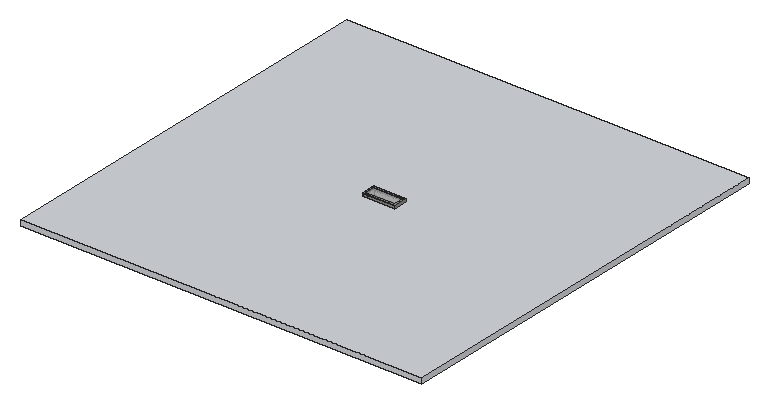
Revit family "Thorn LINN", category Lighting Fixtures, host Face, Revit 2016
Family settings
  Host = Face
  Part Type = Normal
  Round Connector Dimension = Use Diameter
  OmniClass Number = 23.80.70.11
  OmniClass Title = Luminaries for Internal Lighting
  Cut with Voids When Loaded = No
  Light Source = Yes
  Shared = No
  Room Calculation Point = No
Parameters (values of type "LINN RCT")
  Width = 229 mm
  Wattage Comments = ""
  Wattage = 2.86788 W
  built-in parameter 1150110 = 1 (stored number, unit not read)
  Voltage = 230 V
  URL = "www.thornlighting.com/96262138"
  Type Comments = "© Thorn. We reserve the right to make technical changes without prior notice."  # constant formula
  built-in parameter 1114217 = 1 (stored number, unit not read)
  Tilt Angle = -90.00°
  built-in parameter 1150109 = 1 (stored number, unit not read)
  built-in parameter 1150134 = (empty or 0)
  built-in parameter 1150113 = 1 (stored number, unit not read)
  Reflector = Thorn_Glass_Self_llumination_Transparent
  Photometric Web File = "96262138_(STD).IES"
  Model = "96262138"
  Manufacturer = "Thorn Lighting"  # constant formula
  built-in parameter 1150105 = 341.83 (stored number, unit not read)
  Lumens = 426 lm
  built-in parameter 1150115 = 1 (stored number, unit not read)
  built-in parameter 1150137 = (empty or 0)
  built-in parameter 1150139 = (empty or 0)
  Length = 102 mm
  built-in parameter 1150112 = 1 (stored number, unit not read)
  built-in parameter 1150114 = 1 (stored number, unit not read)
  Lamp = "LED"
  built-in parameter 1150132 = 2
  built-in parameter 1150102 = (empty or 0)
  built-in parameter 1150107 = 4200 (stored number, unit not read)
  built-in parameter 1150138 = (empty or 0)
  built-in parameter 1150106 = 3.4183 (stored number, unit not read)
  Height = 91 mm
  Emit from Rectangle Width = Width - 32 mm  # 197 mm
  Emit from Rectangle Length = Length - 32 mm  # 70 mm
  Emit Shape Visible in Rendering = no
  built-in parameter 1150104 = 13.8 (stored number, unit not read)
  Dimming Lamp Color Temperature Shift = <None>
  Description = "LED ceiling-recessed luminaire"  # constant formula
  Default Elevation = 0 mm
  Cover = Thorn_Metal_Grey
  Color Filter = 16777215
  Body = Thorn_Metal_Dark_Grey
  built-in parameter 1114218 = 1 (stored number, unit not read)
  built-in parameter 1150133 = 10 (stored number, unit not read)
  Assembly Code = "D5020200"
  Apparent Load = 11.3 VA
Types (2, lengths in mm): name | Width | Wattage | URL | built-in parameter 1150134 | Photometric Web File | Model | built-in parameter 1150105 | Lumens | Length | built-in parameter 1150107 | built-in parameter 1150106 | Height | Emit from Rectangle Width | Emit from Rectangle Length | Apparent Load
  LINN RCT | 229 | 2.86788 W | "www.thornlighting.com/96262138" | (empty or 0) | "96262138_(STD).IES" | "96262138" | 341.83 (stored number, unit not read) | 426 lm | 102 | 4200 (stored number, unit not read) | 3.4183 (stored number, unit not read) | 91 | 197 | 70 | 11.3 VA
  LINN SQ | 106 | 0.538568 W | "www.thornlighting.com/96262124" | 3 | "96262124+96262129_(STD).IES" | "96262124" | 38.86 (stored number, unit not read) | 80 lm | 106 | 3200 (stored number, unit not read) | 0.3886 (stored number, unit not read) | 81 | 74 | 74 | 3.4 VA
Reference planes
  plane 1 "Center (Front/Back)": y = 0
  plane 2 "Top": z = -13
  plane 3 "Center (Left/Right)": x = 399.5
  plane 4: z = -20
  plane 5: y = 51
  plane 6 "Bottom": y = -51
  plane 7 "Left": x = 285
  plane 8 "Right": x = 514
  plane 9: z = 5
  plane 10 "Back": z = -86
  plane 11: z = -83.5
  plane 12: x = 295
  plane 13: x = 504
  plane 14: y = 41
  plane 15: y = -41
Forms (mm)
  Extrusion 1, solid
    sketch origin (0, 0, 0) x (1, 0, 0) y (0, 1, 0)
      loop
        line (-1010.5, 1431.145) -> (-1010.5, -1431.145) -> (1809.5, -1431.145) -> (1809.5, 1431.145) -> (-1010.5, 1431.145)
    from -13 to -52.502
  Sweep 2, solid, material "Thorn_Metal_Grey" <- "Cover"
    path origin (0, 0, 0) x (1, 0, 0) y (0, 1, 0)
      loop
        line (287, 51) -> (285, 49) -> (285, -49) -> (287, -51) -> (512, -51) -> (514, -49) -> (514, 49) -> (512, 51) -> (287, 51)
    profile origin (399.5, 51, 0) x (0, 1, 0) y (0, 0, 1)
      loop
        line (0, -13) -> (0, 3) -> (-2, 5) -> (-2, -13) -> (0, -13)
  Extrusion 3, solid, material "Thorn_Metal_Grey" <- "Cover"
    sketch origin (0, 0, 0) x (1, 0, 0) y (0, 1, 0)
      loop
        line (287.828, 49) -> (287, 48.172) -> (287, -48.172) -> (287.828, -49) -> (511.172, -49) -> (512, -48.172) -> (512, 48.172) -> (511.172, 49) -> (287.828, 49)
      loop
        line (301, -35) -> (498, -35) -> (498, 35) -> (301, 35) -> (301, -35)
    from 0 to 5
  Sweep 4, solid, material "Thorn_Metal_Dark_Grey" <- "Body"
    path origin (0, 0, 0) x (1, 0, 0) y (0, 1, 0)
      loop
        line (300, 36) -> (300, -36) -> (499, -36) -> (499, 36) -> (300, 36)
    profile origin (399.5, 36, 0) x (0, 1, 0) y (0, 0, 1)
      loop
        line (0, -86) -> (2.636, -10.523) -> (12.172, -10.523) -> (12.172, -8) -> (0.222, -8) -> (-2.414, -83.5) -> (-2.414, -86) -> (0, -86)
  Extrusion 5, solid, material "Thorn_Metal_Dark_Grey" <- "Body"
    sketch origin (0, 0, -86) x (-1, 0, 0) y (0, -1, 0)
      loop
        line (-302.414, 33.586) -> (-496.586, 33.586) -> (-496.586, -33.586) -> (-302.414, -33.586) -> (-302.414, 33.586)
    from 0 to 2.5
  Extrusion 6, solid, material "Thorn_Glass_Self_llumination_Transparent" <- "Reflector"
    sketch origin (0, 0, 0) x (0, 1, 0) y (1, 0, 0)
      loop
        line (40, 296) -> (40, 503) -> (-40, 503) -> (-40, 296) -> (40, 296)
    from 0 to 8
  Extrusion 7, void
    sketch origin (0, 0, 0) x (1, 0, 0) y (0, 1, 0)
      loop
        line (295, 41) -> (295, -41) -> (504, -41) -> (504, 41) -> (295, 41)
    from -86 to -13
Cuts and joins
  Extrusion 7 cuts Sweep 2
  Extrusion 7 cuts Extrusion 3
  joined: Sweep 2, Extrusion 3
  joined: Sweep 4, Extrusion 5
  Extrusion 7 cuts Extrusion 6
Dimensions and locks
  locked: plane 9 to plane 2 "Top" at 18
  "Width": plane 7 "Left" to plane 8 "Right"
  "Length": plane 5 to plane 6 "Bottom"
  locked: plane 6 "Bottom" to plane 15 at 10
  locked: plane 5 to plane 14 at 10
  locked: plane 7 "Left" to plane 12 at 10
  locked: plane 13 to plane 8 "Right" at 10
  equal spacing: plane 7 "Left", plane 3 "Center (Left/Right)", plane 8 "Right"
  equal spacing: plane 5, plane 1 "Center (Front/Back)", plane 6 "Bottom"
  locked: plane 11 to plane 10 "Back" at 2.5
  "Height": plane 9 to plane 10 "Back"
  aligned and locked: Extrusion 1 to plane 2 "Top"
  aligned and locked: Sweep 2 sketch curve to plane 5
  aligned and locked: plane 7 "Left" to Sweep 2 sketch curve
  aligned and locked: Sweep 2 sketch curve to plane 6 "Bottom"
  aligned and locked: Extrusion 3 sketch curve to Sweep 2  (x8)
  aligned and locked: plane 9 to Extrusion 3
  aligned and locked: plane 10 "Back" to Sweep 4 sketch curve
  aligned and locked: plane 9 to imposter light
  aligned and locked: plane 2 "Top" to Extrusion 7
  aligned and locked: plane 12 to Extrusion 7 sketch curve
  aligned and locked: Extrusion 7 sketch curve to plane 14
  aligned and locked: Extrusion 7 sketch curve to plane 15
  aligned and locked: plane 13 to Extrusion 7 sketch curve
Automatic sketch dimensions
  Extrusion 1 sketch curve to Extrusion 1 sketch curve = 2820 mm
  Extrusion 1 sketch curve to Extrusion 1 sketch curve = 2862.29 mm
  Sweep 2 sketch curve to plane 8 "Right" = 0 mm
  plane 7 "Left" to Sweep 2 sketch curve = 2 mm  (x2)
  plane 8 "Right" to Sweep 2 sketch curve = 2 mm  (x2)
  Sweep 2 sketch curve to plane 6 "Bottom" = 2 mm  (x2)
  Sweep 2 sketch curve to plane 5 = 2 mm  (x2)
  Sweep 2 sketch curve to profile plane = 0 mm
  profile plane to Sweep 2 sketch curve = 2 mm
  Sweep 2 sketch curve to level = 13 mm
  level to Sweep 2 sketch curve = 3 mm
  Sweep 2 sketch curve to Sweep 2 sketch curve = 2 mm
  plane 12 to Extrusion 3 sketch curve = 6 mm
  plane 13 to Extrusion 3 sketch curve = 6 mm
  Extrusion 3 sketch curve to plane 15 = 6 mm
  Extrusion 3 sketch curve to plane 14 = 6 mm
  plane 12 to Sweep 4 sketch curve = 5 mm
  plane 13 to Sweep 4 sketch curve = 5 mm
  Sweep 4 sketch curve to plane 15 = 5 mm
  Sweep 4 sketch curve to plane 14 = 5 mm
  Sweep 4 sketch curve to profile plane = 0 mm
  profile plane to Sweep 4 sketch curve = 2.414 mm
  Sweep 4 sketch curve to profile plane = 0.222 mm
  Sweep 4 sketch curve to profile plane = 2.636 mm
  Sweep 4 sketch curve to Sweep 4 sketch curve = 9.536 mm
  Sweep 4 sketch curve to Sweep 4 sketch curve = 2.5 mm
  Sweep 4 sketch curve to level = 10.523 mm
  Sweep 4 sketch curve to Sweep 4 sketch curve = 2.523 mm
  plane 13 to Extrusion 5 sketch curve = 7.414 mm
  plane 12 to Extrusion 5 sketch curve = 7.414 mm
  Extrusion 5 sketch curve to plane 14 = 7.414 mm
  Extrusion 5 sketch curve to plane 15 = 7.414 mm
  Extrusion 3 to Extrusion 6 sketch curve = 5 mm  (x4)
Connectors
  electrical at (399.5, 0, -86), driven by "Voltage", driven by "Apparent Load"
    settings: on cut or joined group of Sweep 4, Extrusion 5, index 1, voltage 230 V, apparent load 11.3 VA, apparent load phase1 0 VA, apparent load phase2 0 VA, apparent load phase3 0 VA, power factor 1, load classification "Lighting", number of poles 1, system type 30, power factor state 1, is connector primary yes, connector utility no, sub classification motor no, connector description "Power"
